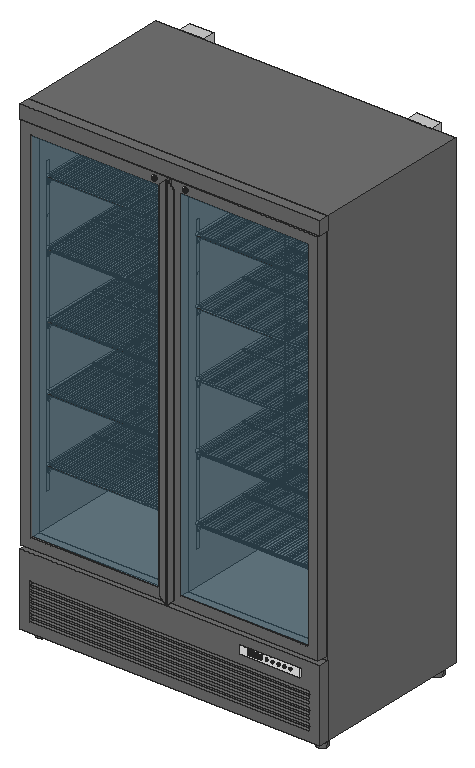
Revit family "QF_BLIZZARD_BMC2_250923014738", category Specialty Equipment, Revit 2021 (continued)
Definition of nested family "QF_BLIZZARD_BMC2_2920"
  Forms (mm)
    Extrusion 152, solid
      sketch origin (1205, -189.803, 1173.371) x (-1, 0, 0) y (0, 0, -1)
        loop
          circle (463.5, -4.5) r 1
        loop
          circle (476, -4.5) r 1
        loop
          circle (488.5, -4.5) r 1
        loop
          circle (501, -4.5) r 1
        loop
          circle (513.5, -4.5) r 1
      from -55.803 to 440.197
    Extrusion 153, solid
      sketch origin (1205, -170.816, 1173.371) x (0, 1, 0) y (0, 0, -1)
        loop
          circle (-211.5, 0) r 3.5
      from 0 to 535.5
    Sweep 154, solid
      path origin (1202.859, -189.803, 903.371) x (-1, 0, 0) y (0, -1, 0)
        loop
          line (9.859, -55.803) -> (521.359, -55.803)
          arc (521.359, -55.803) -> (529.844, -52.288) -> (533.359, -43.803) r 12
          line (533.359, -43.803) -> (533.359, 428.83)
          arc (533.359, 428.83) -> (529.844, 437.316) -> (521.359, 440.83) r 12
          line (521.359, 440.83) -> (9.859, 440.83)
          arc (9.859, 440.83) -> (1.373, 437.316) -> (-2.141, 428.83) r 12
          line (-2.141, 428.83) -> (-2.141, -43.803)
          arc (-2.141, -43.803) -> (1.373, -52.288) -> (9.859, -55.803) r 12
      profile origin (937.25, -134, 903.371) x (0, -1, 0) y (0, 0, 1)
        loop
          circle (0, 0) r 3.5
    Extrusion 155, solid
      sketch origin (1205, -189.803, 903.371) x (-1, 0, 0) y (0, 0, -1)
        loop
          circle (13.5, -4.5) r 1
        loop
          circle (26, -4.5) r 1
        loop
          circle (38.5, -4.5) r 1
        loop
          circle (51, -4.5) r 1
        loop
          circle (63.5, -4.5) r 1
        loop
          circle (76, -4.5) r 1
        loop
          circle (88.5, -4.5) r 1
        loop
          circle (101, -4.5) r 1
        loop
          circle (113.5, -4.5) r 1
        loop
          circle (126, -4.5) r 1
        loop
          circle (138.5, -4.5) r 1
        loop
          circle (151, -4.5) r 1
        loop
          circle (163.5, -4.5) r 1
        loop
          circle (176, -4.5) r 1
        loop
          circle (188.5, -4.5) r 1
        loop
          circle (201, -4.5) r 1
        loop
          circle (213.5, -4.5) r 1
        loop
          circle (226, -4.5) r 1
        loop
          circle (238.5, -4.5) r 1
        loop
          circle (251, -4.5) r 1
        loop
          circle (263.5, -4.5) r 1
        loop
          circle (276, -4.5) r 1
        loop
          circle (288.5, -4.5) r 1
        loop
          circle (301, -4.5) r 1
        loop
          circle (313.5, -4.5) r 1
        loop
          circle (326, -4.5) r 1
        loop
          circle (338.5, -4.5) r 1
        loop
          circle (351, -4.5) r 1
        loop
          circle (363.5, -4.5) r 1
        loop
          circle (376, -4.5) r 1
        loop
          circle (388.5, -4.5) r 1
        loop
          circle (401, -4.5) r 1
        loop
          circle (413.5, -4.5) r 1
        loop
          circle (426, -4.5) r 1
        loop
          circle (438.5, -4.5) r 1
        loop
          circle (451, -4.5) r 1
        loop
          circle (463.5, -4.5) r 1
        loop
          circle (476, -4.5) r 1
        loop
          circle (488.5, -4.5) r 1
        loop
          circle (501, -4.5) r 1
        loop
          circle (513.5, -4.5) r 1
      from -55.803 to 440.197
    Extrusion 156, solid
      sketch origin (1205, -170.816, 903.371) x (0, 1, 0) y (0, 0, -1)
        loop
          circle (-211.5, 0) r 3.5
      from 0 to 535.5
    Sweep 157, solid
      path origin (1202.859, -189.803, 633.371) x (-1, 0, 0) y (0, -1, 0)
        loop
          line (9.859, -55.803) -> (521.359, -55.803)
          arc (521.359, -55.803) -> (529.844, -52.288) -> (533.359, -43.803) r 12
          line (533.359, -43.803) -> (533.359, 428.83)
          arc (533.359, 428.83) -> (529.844, 437.316) -> (521.359, 440.83) r 12
          line (521.359, 440.83) -> (9.859, 440.83)
          arc (9.859, 440.83) -> (1.373, 437.316) -> (-2.141, 428.83) r 12
          line (-2.141, 428.83) -> (-2.141, -43.803)
          arc (-2.141, -43.803) -> (1.373, -52.288) -> (9.859, -55.803) r 12
      profile origin (937.25, -134, 633.371) x (0, -1, 0) y (0, 0, 1)
        loop
          circle (0, 0) r 3.5
    Extrusion 158, solid
      sketch origin (1205, -189.803, 633.371) x (-1, 0, 0) y (0, 0, -1)
        loop
          circle (13.5, -4.5) r 1
        loop
          circle (26, -4.5) r 1
        loop
          circle (38.5, -4.5) r 1
        loop
          circle (51, -4.5) r 1
        loop
          circle (63.5, -4.5) r 1
        loop
          circle (76, -4.5) r 1
        loop
          circle (88.5, -4.5) r 1
        loop
          circle (101, -4.5) r 1
        loop
          circle (113.5, -4.5) r 1
        loop
          circle (126, -4.5) r 1
        loop
          circle (138.5, -4.5) r 1
        loop
          circle (151, -4.5) r 1
        loop
          circle (163.5, -4.5) r 1
        loop
          circle (176, -4.5) r 1
        loop
          circle (188.5, -4.5) r 1
        loop
          circle (201, -4.5) r 1
        loop
          circle (213.5, -4.5) r 1
        loop
          circle (226, -4.5) r 1
        loop
          circle (238.5, -4.5) r 1
        loop
          circle (251, -4.5) r 1
        loop
          circle (263.5, -4.5) r 1
        loop
          circle (276, -4.5) r 1
        loop
          circle (288.5, -4.5) r 1
        loop
          circle (301, -4.5) r 1
        loop
          circle (313.5, -4.5) r 1
        loop
          circle (326, -4.5) r 1
        loop
          circle (338.5, -4.5) r 1
        loop
          circle (351, -4.5) r 1
        loop
          circle (363.5, -4.5) r 1
        loop
          circle (376, -4.5) r 1
        loop
          circle (388.5, -4.5) r 1
        loop
          circle (401, -4.5) r 1
        loop
          circle (413.5, -4.5) r 1
        loop
          circle (426, -4.5) r 1
        loop
          circle (438.5, -4.5) r 1
        loop
          circle (451, -4.5) r 1
        loop
          circle (463.5, -4.5) r 1
        loop
          circle (476, -4.5) r 1
        loop
          circle (488.5, -4.5) r 1
        loop
          circle (501, -4.5) r 1
        loop
          circle (513.5, -4.5) r 1
      from -55.803 to 440.197
    Extrusion 159, solid
      sketch origin (1205, -170.816, 633.371) x (0, 1, 0) y (0, 0, -1)
        loop
          circle (-211.5, 0) r 3.5
      from 0 to 535.5
    Extrusion 160, solid
      sketch origin (625.5, -725, 0) x (1, 0, 0) y (0, 0, 1)
        loop
          line (4, 1943) -> (4, 356) -> (28.749, 380.749) -> (28.749, 1918.251) -> (4, 1943)
      from 0 to 2
    Extrusion 161, solid
      sketch origin (625.5, -710, 0) x (1, 0, 0) y (0, 0, 1)
        loop
          line (4, 1943) -> (4, 356) -> (5.414, 357.414) -> (5.414, 1941.586) -> (4, 1943)
      from 0 to 15
    Extrusion 162, solid
      sketch origin (624.5, -725, 0) x (-1, 0, 0) y (0, 0, -1)
        loop
          line (4, -1943) -> (28.749, -1918.251) -> (28.749, -380.749) -> (4, -356) -> (4, -1943)
      from 0 to 2
    Extrusion 163, solid
      sketch origin (624.5, -710, 0) x (-1, 0, 0) y (0, 0, -1)
        loop
          line (4, -1943) -> (5.414, -1941.586) -> (5.414, -357.414) -> (4, -356) -> (4, -1943)
      from 0 to 15
  Cuts and joins
    joined: Extrusion 1, Extrusion 63
  Lines and regions (mm)
    symbolic lines
      curve 1: line (0, 0, 0) -> (1250, 0, 0)
      curve 2: line (0, -710, 0) -> (0, 0, 0)
      curve 3: line (1250, -710, 0) -> (0, -710, 0)
      curve 4: line (1250, 0, 0) -> (1250, -710, 0)
      curve 9: line (200, 50, 0) -> (100, 50, 0)
      curve 10: line (100, 50, 0) -> (100, 0, 0)
      curve 11: line (200, 0, 0) -> (200, 50, 0)
      curve 12: line (1050, 50, 0) -> (1050, 0, 0)
      curve 13: line (1150, 50, 0) -> (1050, 50, 0)
      curve 14: line (1150, 0, 0) -> (1150, 50, 0)
      curve 15: line (629.5, -727, 0) -> (654.249, -727, 0)
      curve 16: line (654.249, -725, 0) -> (630.914, -725, 0)
      curve 17: line (654.249, -727, 0) -> (654.249, -725, 0)
      curve 18: line (630.914, -725, 0) -> (630.914, -710, 0)
      curve 19: line (629.5, -710, 0) -> (629.5, -727, 0)
      curve 20: line (620.5, -727, 0) -> (595.751, -727, 0)
      curve 21: line (595.751, -725, 0) -> (619.086, -725, 0)
      curve 22: line (595.751, -727, 0) -> (595.751, -725, 0)
      curve 23: line (619.086, -725, 0) -> (619.086, -710, 0)
      curve 24: line (620.5, -710, 0) -> (620.5, -727, 0)
    symbolic lines, visible <- "Show Clearances"
      curve 5: arc (629.5, -710, 0) -> (809.776, -1145.224, 0) -> (1245, -1325.5, 0) r 615.5
      curve 6: arc (5, -1325.5, 0) -> (440.224, -1145.224, 0) -> (620.5, -710, 0) r 615.5
      curve 7: line (1245, -1325.5, 0) -> (1245, -710, 0)
      curve 8: line (5, -710, 0) -> (5, -1325.5, 0)
  Dimensions and locks
    plane 3 "Left" to plane 4 "Right" = 1250 mm
    plane 5 "Front" to plane 1 "Back" = 710 mm
    plane 6 "Top" to level = 2003 mm  (x2)
    plane 1 "Back" to plane 5 "Front" = 710 mm
    plane 4 "Right" to plane 3 "Left" = 1250 mm
    aligned and locked: level to plane 2
Definition of nested family "CONN_POINT_ELE_2D___Generic_Annotation"
  Parameters (values of type "CONN_POINT_ELE_2D___Generic_Annotation")
    Onboard connection annotation symbol visibility [instance] = yes
  Reference planes
    plane 1: y = 0
    plane 2: x = 0
  Lines and regions (mm)
    detail lines, visible <- "Onboard connection annotation symbol visibility"
      curve 1: circle (0, 0, 0) r 0.5 normal (0, 0, 1)
      curve 2: line (-1, 0, 0) -> (1, 0, 0)
      curve 3: line (0, 1, 0) -> (0, -1, 0)
      curve 4: line (2.5, 1, 0) -> (1.25, 1, 0)
      curve 5: line (1.25, 1, 0) -> (1.25, -1, 0)
      curve 6: line (1.25, -1, 0) -> (2.5, -1, 0)
      curve 7: line (1.25, 0, 0) -> (2, 0, 0)
